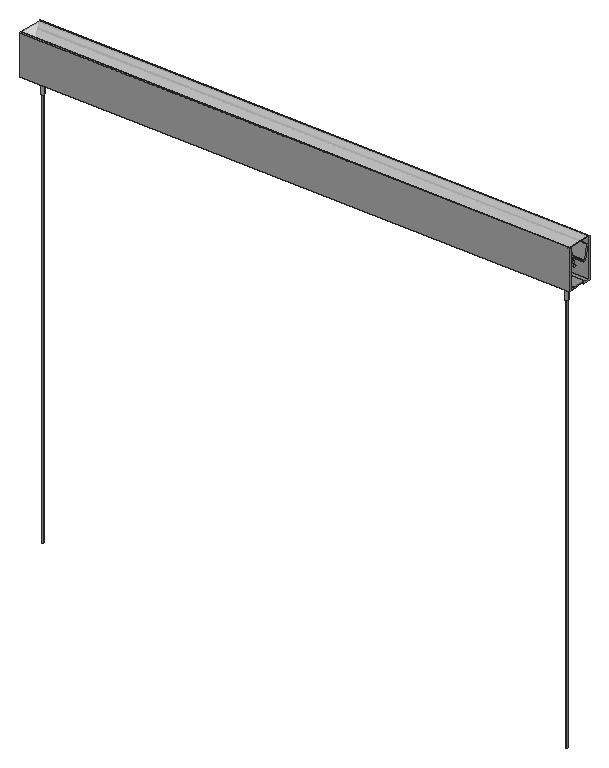
Revit family "2059337 Sylvania Lighting Fixture MC2 D I 1-2M 4K DALIEM WHT PRIS", category Lighting Fixtures, host Face, Revit 2016
Family settings
  Host = Face
  Part Type = Normal
  Round Connector Dimension = Use Diameter
  OmniClass Number = 23.80.70.11.17
  OmniClass Title = Specialized Lighting by Location or Use
  Cut with Voids When Loaded = No
  Light Source = Yes
  Shared = No
  Room Calculation Point = No
Parameters (values of type "2059337 MC2 D/I 1.2M 4K DALIEM WHT PRIS Emergency mode")
  Width_SYL = 54.0 mm
  Weight = "3.4 kg"
  Wattage = 35 W
  WarrantyStartDate [instance] = "n/a"
  WarrantyGuarantorParts = "n/a"
  WarrantyDurationUnit = "n/a"
  WarrantyDurationParts = "n/a"
  WarrantyDescription = "n/a"
  built-in parameter 1150110 = 1 (stored number, unit not read)
  Voltage = 0 V
  URL = "http://www.sylvania-lighting.com"
  TypeName = "MC2 D/I 1.2M 4K DALIEM WHT PRIS Emergency mode"
  built-in parameter 1114217 = 1 (stored number, unit not read)
  Tilt Angle = -90.00°
  built-in parameter 1150109 = 1 (stored number, unit not read)
  built-in parameter 1150134 = 12
  built-in parameter 1150113 = 1 (stored number, unit not read)
  SerialNumber [instance] = "n/a"
  PowerFactor = 0.95
  PowerConsumption = "35 W"
  NominalWidth = 0.0 mm
  NominalLength = 1200.0 mm
  NominalHeight = 86.0 mm
  Name = "MC2 D/I 1.2M 4K DALIEM WHT PRIS Emergency mode"
  ModelReference = "MC2 D/I 1.2M 4K DALIEM WHT PRIS"
  ModelNumber = "2059337"
  Material_3_SYL = Metal_Sylvania_Mini Contiuum II_Silver
  Photometric Web File = "2059337EM.ies"
  Material_4_SYL = Metal_Sylvania_Mini Contiuum II_Silver
  MountingHeight_SYL [instance] = 1000.0 mm
  Material = "aluminium housing, polycarbonate diffuser"
  ManufacturerName = "Feilo Sylvania"
  LuminousEfficacy = "3.457 lm/W"
  LuminaireType = ""
  LightOutputRatio = "100"
  Length_SYL = 1200.0 mm
  LampsType = Lamp  # "LED"
  LampNominalLuminous = "121 lm"
  LampMacAdamStep = "3"
  LampColourTemperature = "4000 K"
  LampColourRenderingIndex = "80"
  Keynote = "16500"
  InstallationDate [instance] = "n/a"
  InputVoltage = "n/a"
  InputNominalFrequency = "n/a"
  IngressProtection = "IP20"
  ImpactProtectionIndex = "n/a"
  IfcExportType = "IfcLightFixtureType"
  IfcExportAs = "IfcLightFixtureType"
  Height_SYL = 86.0 mm
  ExpectedLife = 50000
  EndCapRight_SYL [instance] = no
  EndCapLeft_SYL [instance] = no
  Emit from Rectangle Width = Width_SYL - 2.0 mm  # 52.0 mm
  Emit from Rectangle Length = Length_SYL  # 1200.0 mm
  Emit Shape Visible in Rendering = no
  ElectricShockClassification = "Class I"
  DurationUnit = "hours"
  DocumentationLiterature = "http://www.sylvania-lighting.com/product/en-int/products/2059337"
  DimmingControlOptions = "n/a"
  CreatedOn = "10/15/2018"
  CreatedBy = "@sylvania-lighting.com"
  built-in parameter 1114216 [instance] = 1 (stored number, unit not read)
  Model = "MC2 D/I 1.2M 4K DALIEM WHT PRIS"
  Manufacturer = "Feilo Sylvania"
  built-in parameter 1150105 = 9.6289 (stored number, unit not read)
  Lumens = 121 lm
  built-in parameter 1150115 = 1 (stored number, unit not read)
  built-in parameter 1150137 = (empty or 0)
  built-in parameter 1150139 = (empty or 0)
  built-in parameter 1150112 = 1 (stored number, unit not read)
  built-in parameter 1150114 = 1 (stored number, unit not read)
  Lamp = "LED"
  built-in parameter 1150132 = 2
  built-in parameter 1150102 = (empty or 0)
  built-in parameter 1150107 = 4000 (stored number, unit not read)
  built-in parameter 1150138 = (empty or 0)
  built-in parameter 1150106 = 0.096289 (stored number, unit not read)
  Material_1_SYL = Metal_Sylvania_Mini Continuum II_White
  built-in parameter 1150104 = 0.32118 (stored number, unit not read)
  Dimming Lamp Color Temperature Shift = <None>
  Material_2_SYL = Polycarbonate_Sylvania_Mini Continuum II_Opal_4000K
  Description = "2059337   MC2 D/I 1.2M 4K DALIEM WHT PRIS  Continuous lines of LED light, white RAL 9016, direct/indirect distribution (65/35), various accessories available, compact and minimalist design based on the Golden Mean, ideal for offices, meeting rooms, corridors, education facilities, museums and libraries, extruded aluminium body, diffuser: micro prismatic, colour temperature: 4000K neutral white, total system power: 35W, total fixture output: 3833lm, luminaire efficacy: 110lm/W, LOR: 100%, colour rendering: Ra >80, LED Chromacity: 1 step MacAdam ellipse, lifetime: 60,000 hours at 90% of the original output (L90), energy class: A++, A+, A, IR/UV free light source without heat radiation, operating voltage: 220-240V / 50-60Hz, drive current: (Direct) 800mA + (Indirect) 350mA, electronic driver, DALI dimmable, direct/indirect independently addressable, integral emergency: 3 hour maintained, electrical protection: CLASS I, IP20, suitable for internal environment only."
  Default Elevation = 0.0 mm
  Color Filter = 16777215
  built-in parameter 1140040 [instance] = 1
  BarCode [instance] = "n/a"
  built-in parameter 1114218 = 1 (stored number, unit not read)
  built-in parameter 1150133 = 10 (stored number, unit not read)
  AssetType = "Fixed"
  AssetIdentifier [instance] = "n/a"
  Assembly Code = "D5020200"
  Apparent Load = 35 VA
Types (2, lengths in mm): name | TypeName | Name | Photometric Web File | LuminousEfficacy | LampNominalLuminous | built-in parameter 1150105 | Lumens | built-in parameter 1150106 | built-in parameter 1150104
  2059337 MC2 D/I 1.2M 4K DALIEM WHT PRIS Emergency mode | "MC2 D/I 1.2M 4K DALIEM WHT PRIS Emergency mode" | "MC2 D/I 1.2M 4K DALIEM WHT PRIS Emergency mode" | "2059337EM.ies" | "3.457 lm/W" | "121 lm" | 9.6289 (stored number, unit not read) | 121 lm | 0.096289 (stored number, unit not read) | 0.32118 (stored number, unit not read)
  2059337 MC2 D/I 1.2M 4K DALIEM WHT PRIS | "MC2 D/I 1.2M 4K DALIEM WHT PRIS" | "MC2 D/I 1.2M 4K DALIEM WHT PRIS" | "2059337.ies" | "111 lm/W" | "3888 lm" | 309.16 (stored number, unit not read) | 3885 lm | 3.0916 (stored number, unit not read) | 10.312 (stored number, unit not read)
Reference planes
  plane 1 "Center (Front/Back)": y = 0
  plane 2 "Bottom Fixtures": z = 0
  plane 3 "Center (Left/Right)": x = 0
  plane 4 "Fixture Left": x = -600
  plane 5 "Fixture Right": x = 600
  plane 6 "Fixture Bottom": z = 1000
  plane 7: z = 998
  plane 8: z = 996
  plane 9: z = 986.951
  plane 10: z = 956.951
  plane 11 "Fixture Top": z = 914
  plane 12 "Mounting Right": x = 572
  plane 13 "Mounting Left": x = -572
  plane 14: z = 879
  plane 15: y = 27
  plane 16: y = -27
  plane 17: y = -26
  plane 18: y = -25
  plane 19: y = 26
  plane 20: y = 25
  plane 21: y = 11
  plane 22: y = -11
  plane 23: y = 24
  plane 24: y = 22
  plane 25: y = -22
  plane 26: y = 15
  plane 27: y = -15
  plane 28 "Upper Diffuser Left": x = -450
  plane 29 "Upper Diffuser Right": x = 450
  plane 30: x = -602
  plane 31: x = 602
Forms (mm)
  Extrusion 1, solid, material "Metal_Sylvania_Mini Continuum II_White" <- "Material_1_SYL", detail levels fine
    sketch origin (0, 0, 520) x (0, 1, 0) y (0, 0, 1)
      loop
        line (27, 480) -> (26, 480) -> (26, 478) -> (25, 478) -> (25, 396) -> (13, 396) -> (13, 398) -> (-13, 398) -> (-13, 396) -> (-25, 396) -> (-25, 478) -> (-26, 478) -> (-26, 480) -> (-27, 480) -> (-27, 394) -> (-11, 394) -> (-11, 396) -> (11, 396) -> (11, 394) -> (27, 394) -> (27, 480)
    from -600 to 600
  Extrusion 2, solid, material "Polycarbonate_Sylvania_Mini Continuum II_Opal_4000K" <- "Material_2_SYL", detail levels fine
    sketch origin (0, 0, 520) x (0, 1, 0) y (0, 0, 1)
      loop
        line (-26, 480) -> (-26, 478) -> (26, 478) -> (26, 480) -> (-26, 480)
    from -600 to 600
  Extrusion 3, solid, material "Metal_Sylvania_Mini Contiuum II_Silver" <- "Material_3_SYL", detail levels fine
    sketch origin (0, 0, 520) x (0, 1, 0) y (0, 0, 1)
      loop
        line (22, 466.951) -> (20.973, 466.951) -> (14.206, 437.951) -> (11, 437.951) -> (11, 436.951) -> (15, 436.951) -> (22, 466.951)
      loop
        line (-15, 436.951) -> (-11, 436.951) -> (-11, 437.951) -> (-14.206, 437.951) -> (-20.973, 466.951) -> (-22, 466.951) -> (-15, 436.951)
    from -600 to 600
  Extrusion 4, solid, material "Metal_Sylvania_Mini Continuum II_White" <- "Material_1_SYL", detail levels coarse+medium
    sketch origin (0, 0, 520) x (0, 1, 0) y (0, 0, 1)
      loop
        line (-27, 480) -> (-27, 394) -> (27, 394) -> (27, 480) -> (-27, 480)
    from -600 to 600
  Extrusion 5, solid, material "Metal_Sylvania_Mini Contiuum II_Silver" <- "Material_4_SYL", detail levels fine
    sketch origin (0, 0, -86) x (-1, 0, 0) y (0, -1, 0)
      loop
        circle (572, 0) r 4
      loop
        circle (-572, 0) r 4
    from 965 to 1002
  Extrusion 6, solid, material "Metal_Sylvania_Mini Contiuum II_Silver" <- "Material_4_SYL", detail levels fine
    sketch origin (0, 0, -86) x (-1, 0, 0) y (0, -1, 0)
      loop
        circle (-572, 0) r 1
      loop
        circle (572, 0) r 1
    from 86 to 965
  Extrusion 7, solid, material "Polycarbonate_Sylvania_Mini Continuum II_Opal_4000K" <- "Material_2_SYL", detail levels fine
    sketch origin (0, 0, 0) x (0, 1, 0) y (0, 0, 1)
      loop
        arc (11, 916) -> (5.59, 914.504) -> (0, 914) r 31.25
        arc (0, 914) -> (-5.59, 914.504) -> (-11, 916) r 31.25
        line (-11, 916) -> (-11, 914.934)
        arc (-11, 914.934) -> (-5.584, 913.487) -> (0, 913) r 32.25
        arc (0, 913) -> (5.584, 913.487) -> (11, 914.934) r 32.25
        line (11, 914.934) -> (11, 916)
    from -450 to 450
  Extrusion 8, void
    sketch origin (0, 0, 0) x (0, 1, 0) y (0, 0, 1)
      loop
        line (11, 918) -> (-11, 918) -> (-11, 916) -> (11, 916) -> (11, 918)
    from -450 to 450
  Extrusion 9, solid, material "Metal_Sylvania_Mini Continuum II_White" <- "Material_1_SYL", visible <- "EndCapLeft_SYL"
    sketch origin (-600, 171.684, 1219.2) x (0, 1, 0) y (0, 0, 1)
      loop
        line (-198.684, -305.2) -> (-144.684, -305.2) -> (-144.684, -219.2) -> (-198.684, -219.2) -> (-198.684, -305.2)
    from 0 to -2
  Extrusion 10, solid, material "Metal_Sylvania_Mini Continuum II_White" <- "Material_1_SYL", visible <- "EndCapRight_SYL"
    sketch origin (600, 171.684, 1219.2) x (0, 1, 0) y (0, 0, -1)
      loop
        line (-144.684, 219.2) -> (-144.684, 305.2) -> (-198.684, 305.2) -> (-198.684, 219.2) -> (-144.684, 219.2)
    from 0 to -2
Cuts and joins
  Extrusion 8 cuts Extrusion 1
Lines and regions (mm)
  Masking region 1
    outline origin (0, 0, -86) x (-1, 0, 0) y (0, -1, 0)
      loop
        line (600, -27) -> (600, 27) -> (-600, 27) -> (-600, -27) -> (600, -27)
  symbolic lines, detail levels fine
    curve 1: line (-600, 26, -86) -> (600, 26, -86)
    curve 2: line (-600, -26, -86) -> (600, -26, -86)
  model lines, detail levels coarse+medium
    curve 3: line (-572, 0, 914) -> (-572, 0, 0)
    curve 4: line (572, 0, 914) -> (572, 0, 0)
Dimensions and locks
  host sketch curve to plane 3 "Center (Left/Right)" to host sketch curve = 820.0 mm, 775.047 mm
  equal spacing: plane 4 "Fixture Left", plane 3 "Center (Left/Right)", plane 5 "Fixture Right"
  "Length_SYL": plane 4 "Fixture Left" to plane 5 "Fixture Right"
  plane 6 "Fixture Bottom" to plane 7 to plane 8 to plane 9 to plane 10 = 2.0 mm locked, 2.0 mm locked, 9.049 mm locked, 30.0 mm locked
  locked: Extrusion 1 sketch curve to Extrusion 1 sketch curve at 2
  locked: Extrusion 1 sketch curve to plane 11 "Fixture Top" at 2
  "Height_SYL": plane 6 "Fixture Bottom" to plane 11 "Fixture Top"
  locked: plane 12 "Mounting Right" to plane 5 "Fixture Right" at 28
  locked: plane 4 "Fixture Left" to plane 13 "Mounting Left" at 28
  locked: plane 11 "Fixture Top" to plane 14 at 35
  "MountingHeight_SYL": plane 6 "Fixture Bottom" to plane 2 "Bottom Fixtures"
  equal spacing: plane 15, plane 1 "Center (Front/Back)", plane 16
  "Width_SYL": plane 15 to plane 16
  plane 22 to plane 27 to plane 25 to plane 18 to plane 17 to plane 16 = 4.0 mm locked, 7.0 mm locked, 3.0 mm locked, 1.0 mm locked, 1.0 mm locked
  plane 15 to plane 19 to plane 20 to plane 23 to plane 24 to plane 26 to plane 21 = 1.0 mm locked, 1.0 mm locked, 1.0 mm locked, 2.0 mm locked, 7.0 mm locked, 4.0 mm locked
  locked: plane 4 "Fixture Left" to plane 28 "Upper Diffuser Left" at 150
  locked: plane 29 "Upper Diffuser Right" to plane 5 "Fixture Right" at 150
  equal spacing: plane 30, plane 3 "Center (Left/Right)", plane 31
  locked: plane 30 to plane 4 "Fixture Left" at 2
  aligned and locked: plane 2 "Bottom Fixtures" to host face
  aligned and locked: level to host face
  aligned and locked: plane 5 "Fixture Right" to curve 1
  aligned and locked: plane 4 "Fixture Left" to curve 1
  aligned and locked: plane 4 "Fixture Left" to curve 2
  aligned and locked: plane 5 "Fixture Right" to curve 2
  aligned and locked: Extrusion 1 sketch curve to plane 7
  aligned and locked: plane 6 "Fixture Bottom" to Extrusion 1 sketch curve  (x2)
  aligned and locked: plane 7 to Extrusion 1 sketch curve
  aligned and locked: Extrusion 1 to Extrusion 2 sketch curve
  aligned and locked: Extrusion 2 sketch curve to Extrusion 1  (x3)
  aligned and locked: Extrusion 3 sketch curve to plane 10
  aligned and locked: plane 9 to Extrusion 3 sketch curve
  aligned and locked: Extrusion 3 sketch curve to plane 9
  aligned and locked: Extrusion 4 sketch curve to plane 6 "Fixture Bottom"
  aligned and locked: Extrusion 4 to plane 4 "Fixture Left"
  aligned and locked: Extrusion 2 to plane 4 "Fixture Left"
  aligned and locked: Extrusion 3 to plane 4 "Fixture Left"
  aligned and locked: Extrusion 1 to plane 4 "Fixture Left"
  aligned and locked: Extrusion 4 to plane 5 "Fixture Right"
  aligned and locked: Extrusion 2 to plane 5 "Fixture Right"
  aligned and locked: Extrusion 3 to plane 5 "Fixture Right"
  aligned and locked: Extrusion 1 to plane 5 "Fixture Right"
  aligned and locked: plane 11 "Fixture Top" to Extrusion 4 sketch curve
  aligned and locked: Extrusion 1 sketch curve to plane 11 "Fixture Top"  (x2)
  aligned and locked: Extrusion 1 sketch curve to Extrusion 1 sketch curve
  aligned and locked: plane 6 "Fixture Bottom" to imposter light
  aligned and locked: plane 11 "Fixture Top" to curve 3
  aligned and locked: plane 2 "Bottom Fixtures" to curve 3
  aligned and locked: plane 11 "Fixture Top" to curve 4
  aligned and locked: plane 2 "Bottom Fixtures" to curve 4
  aligned and locked: curve 4 to plane 12 "Mounting Right"
  aligned and locked: curve 3 to plane 13 "Mounting Left"
  aligned and locked: Extrusion 5 to Extrusion 1
  aligned and locked: Extrusion 5 to plane 14
  aligned and locked: plane 14 to Extrusion 6
  aligned and locked: Extrusion 6 to level
  aligned and locked: plane 11 "Fixture Top" to Extrusion 7 sketch curve
  aligned and locked: Extrusion 7 to plane 28 "Upper Diffuser Left"
  aligned and locked: Extrusion 7 to plane 29 "Upper Diffuser Right"
  aligned and locked: plane 21 to Extrusion 3 sketch curve
  aligned and locked: Extrusion 3 sketch curve to plane 22
  aligned and locked: Extrusion 8 sketch curve to plane 21
  aligned and locked: Extrusion 8 sketch curve to plane 22
  aligned and locked: Extrusion 8 sketch curve to Extrusion 1  (x2)
  aligned and locked: Extrusion 8 to Extrusion 7  (x2)
  aligned and locked: plane 21 to Extrusion 7 sketch curve
  aligned and locked: plane 1 "Center (Front/Back)" to Extrusion 7 sketch curve
  aligned and locked: plane 22 to Extrusion 7 sketch curve
  aligned and locked: Extrusion 9 sketch curve to Extrusion 4  (x4)
  aligned and locked: Extrusion 9 to plane 30
  aligned and locked: plane 4 "Fixture Left" to Extrusion 9
  aligned and locked: Extrusion 10 sketch curve to Extrusion 4  (x4)
  aligned and locked: plane 31 to Extrusion 10
  aligned and locked: plane 5 "Fixture Right" to Extrusion 10
Automatic sketch dimensions
  host sketch curve to host sketch curve = 1047.463 mm
  plane 19 to curve 1 = 0.0 mm
  curve 2 to plane 17 = 0.0 mm
  Masking region 1 sketch curve to plane 5 "Fixture Right" = 0.0 mm
  Masking region 1 sketch curve to plane 4 "Fixture Left" = 0.0 mm
  plane 15 to Masking region 1 sketch curve = 0.0 mm
  Masking region 1 sketch curve to plane 16 = 0.0 mm
  Extrusion 1 sketch curve to plane 16 = 0.0 mm
  Extrusion 1 sketch curve to plane 17 = 0.0 mm
  Extrusion 1 sketch curve to plane 18 = 0.0 mm
  Extrusion 1 sketch curve to plane 22 = 0.0 mm
  Extrusion 1 sketch curve to plane 21 = 0.0 mm
  Extrusion 1 sketch curve to plane 20 = 0.0 mm
  Extrusion 1 sketch curve to plane 19 = 0.0 mm
  Extrusion 1 sketch curve to plane 15 = 0.0 mm
  plane 11 "Fixture Top" to Extrusion 1 sketch curve = 2.0 mm
  Extrusion 1 sketch curve to plane 22 = 2.0 mm
  Extrusion 1 sketch curve to plane 21 = 2.0 mm
  Extrusion 3 sketch curve to plane 25 = 0.0 mm
  Extrusion 3 sketch curve to plane 27 = 0.0 mm
  Extrusion 3 sketch curve to plane 26 = 0.0 mm
  Extrusion 3 sketch curve to plane 24 = 0.0 mm
  plane 10 to Extrusion 3 sketch curve = 1.0 mm
  Extrusion 3 sketch curve to Extrusion 3 sketch curve = 1.027 mm
  plane 27 to Extrusion 3 sketch curve = 0.794 mm
  plane 26 to Extrusion 3 sketch curve = 0.794 mm
  plane 24 to Extrusion 3 sketch curve = 1.027 mm
  Extrusion 4 sketch curve to plane 16 = 0.0 mm
  Extrusion 4 sketch curve to plane 15 = 0.0 mm
  plane 1 "Center (Front/Back)" to Extrusion 5 sketch curve = 0.0 mm  (x2)
  Extrusion 5 sketch curve to plane 12 "Mounting Right" = 0.0 mm
  Extrusion 5 sketch curve to plane 13 "Mounting Left" = 0.0 mm
  plane 1 "Center (Front/Back)" to Extrusion 6 sketch curve = 0.0 mm  (x2)
  Extrusion 6 sketch curve to plane 12 "Mounting Right" = 0.0 mm
  Extrusion 6 sketch curve to plane 13 "Mounting Left" = 0.0 mm
  Extrusion 7 sketch curve to Extrusion 7 sketch curve = 0.0 mm  (x4)
  plane 11 "Fixture Top" to Extrusion 7 sketch curve = 0.934 mm
  Extrusion 3 sketch curve to Extrusion 3 sketch curve = 0.0 mm
  Extrusion 3 sketch curve to plane 10 = 0.0 mm
  plane 11 "Fixture Top" to Extrusion 7 sketch curve = 2.0 mm
  radius of Extrusion 5 sketch curve = 4.0 mm  (x2)
  radius of Extrusion 6 sketch curve = 1.0 mm  (x2)
Connectors
  electrical at (600, 0, 949), driven by "Apparent Load"
    settings: on Extrusion 1, index 1, voltage 230 V, apparent load 0 VA, apparent load phase1 35 VA, apparent load phase2 0 VA, apparent load phase3 0 VA, power factor 1, load classification "Lighting", number of poles 1, system type 31, power factor state 1, is connector primary yes, connector utility no, sub classification motor no, connector description ""
